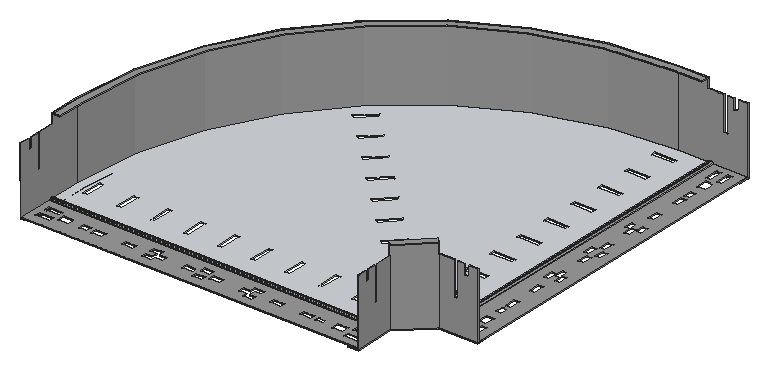
Revit family "Bogen 90 RBM 90 150 FS", category Generic Models, Revit 2017
Family settings
  Can host rebar = No
  Round Connector Dimension = Use Diameter
  Part Type = Normal
  Work Plane-Based = No
  Always vertical = Yes
  Cut with Voids When Loaded = No
  Shared = No
  Room Calculation Point = No
Parameters (values of type "RBM 90 150 FS")
  URL = "http://www.obo-bettermann.com"
  Material = Strip galvanised
  Manufacturer Art.No. = "6041848"
  Manufacturer = "OBO BETTERMANN"
  GTIN = "4012195880585"
  Cut's number 2 = 9
  Cut's number = 10
  Article Type = "RBM 90 150 FS"
Reference planes
  plane 1 "Center (Front/Back)": y = 0
  plane 2: z = 0
  plane 3 "Center (Left/Right)": x = 0
  plane 4: x = 600
  plane 5: x = 540.7
  plane 6: x = 545.5
  plane 7: z = 3.25
  plane 8: y = 500
  plane 9: y = -100
  plane 10: y = -45.5
  plane 11: y = -40.7
  plane 12: z = 3.25
  plane 13: z = 3.25
  plane 14: x = 500
  plane 15: x = 496.9
  plane 16: y = 3.1
  plane 17: y = 475
  plane 18: x = 495.9
  plane 19: y = 425
  plane 20: x = 495.9
  plane 21: y = 375
  plane 22: x = 495.9
  plane 23: y = 325
  plane 24: x = 495.9
  plane 25: y = 275
  plane 26: x = 495.9
  plane 27: y = 225
  plane 28: x = 495.9
  plane 29: y = 175
  plane 30: x = 495.9
  plane 31: y = 125
  plane 32: x = 495.9
  plane 33: y = 75
  plane 34: x = 495.9
  plane 35: y = 25
  plane 36: x = 495.9
  plane 37: y = 4.1
  plane 38: x = 25
  plane 39: y = 4.1
  plane 40: x = 75
  plane 41: y = 4.1
  plane 42: x = 125
  plane 43: y = 4.1
  plane 44: x = 175
  plane 45: y = 4.1
  plane 46: x = 225
  plane 47: y = 4.1
  plane 48: x = 275
  plane 49: y = 4.1
  plane 50: x = 325
  plane 51: y = 4.1
  plane 52: x = 375
  plane 53: y = 4.1
  plane 54: x = 425
  plane 55: y = 4.1
  plane 56: x = 475
  plane 57: through (500, 0, 1200) normal (-0.7071, -0.7071, 0)
  plane 58: through (535.355, -35.355, 1200) normal (-0.7071, -0.7071, 0)
  plane 59: through (570.711, -70.711, 1200) normal (-0.7071, -0.7071, 0)
  plane 60: through (606.066, -106.066, 1200) normal (-0.7071, -0.7071, 0)
  plane 61: through (641.421, -141.421, 1200) normal (-0.7071, -0.7071, 0)
  plane 62: through (676.777, -176.777, 1200) normal (-0.7071, -0.7071, 0)
  plane 63: through (712.132, -212.132, 1200) normal (-0.7071, -0.7071, 0)
  plane 64: through (747.487, -247.487, 1200) normal (-0.7071, -0.7071, 0)
  plane 65: through (782.843, -282.843, 1200) normal (-0.7071, -0.7071, 0)
  plane 66: z = -1.25
  plane 67: z = 113
  plane 68: y = -74.5
  plane 69: x = 250.2
  plane 70: x = 230.2
  plane 71: y = -66.5
  plane 72: y = -82.5
  plane 73: x = 168.2
  plane 74: x = 140.2
  plane 75: x = 95.2
  plane 76: x = 75.2
  plane 77: x = 46.2
  plane 78: y = -66.5
  plane 79: y = -82.5
  plane 80: x = 21.2
  plane 81: x = 600
  plane 82: through (600, -100, 1200) normal (-0.7071, -0.7071, 0)
  plane 83: x = 574.5
  plane 84: y = 249.8
  plane 85: y = 269.8
  plane 86: x = 566.5
  plane 87: x = 582.5
  plane 88: y = 331.8
  plane 89: y = 359.8
  plane 90: y = 404.8
  plane 91: y = 424.8
  plane 92: y = 453.8
  plane 93: x = 566.5
  plane 94: x = 582.5
  plane 95: y = 478.8
  plane 96: z = 48.75
  plane 97: x = 570
  plane 98: z = 98.75
  plane 99: y = 250.2
  plane 100: z = 48.75
  plane 101: y = -70
  plane 102: z = 98.75
  plane 103: x = 250
  plane 104: z = 111.75
Forms (mm)
  Extrusion 1, solid, material "Strip galvanised" <- "Material"
    sketch origin (0, 0, 0) x (1, 0, 0) y (0, 0, 1)
      loop
        line (600, 0) -> (600, 1.3) -> (549.085, 1.3)
        arc (549.085, 1.3) -> (548.367, 1.483) -> (547.825, 1.986) r 1.5
        arc (547.825, 1.986) -> (545.472, 3.268) -> (543.12, 1.986) r 2.8
        arc (543.12, 1.986) -> (542.578, 1.483) -> (541.86, 1.3) r 1.5
        line (541.86, 1.3) -> (540.7, 1.3) -> (540.7, 0) -> (541.86, 0)
        arc (541.86, 0) -> (543.199, 0.341) -> (544.212, 1.281) r 2.8
        arc (544.212, 1.281) -> (545.472, 1.968) -> (546.733, 1.281) r 1.5
        arc (546.733, 1.281) -> (547.746, 0.341) -> (549.085, 0) r 2.8
        line (549.085, 0) -> (600, 0)
    from 0 to -500
  Extrusion 2, solid, material "Strip galvanised" <- "Material"
    sketch origin (0, 0, 0) x (0, 1, 0) y (0, 0, 1)
      loop
        line (-100, 0) -> (-49.093, 0)
        arc (-49.093, 0) -> (-47.764, 0.336) -> (-46.753, 1.262) r 2.8
        arc (-46.753, 1.262) -> (-45.5, 1.938) -> (-44.247, 1.262) r 1.5
        arc (-44.247, 1.262) -> (-43.236, 0.336) -> (-41.907, 0) r 2.8
        line (-41.907, 0) -> (-40.7, 0) -> (-40.7, 1.3) -> (-41.907, 1.3)
        arc (-41.907, 1.3) -> (-42.619, 1.48) -> (-43.16, 1.976) r 1.5
        arc (-43.16, 1.976) -> (-45.5, 3.238) -> (-47.84, 1.976) r 2.8
        arc (-47.84, 1.976) -> (-48.381, 1.48) -> (-49.093, 1.3) r 1.5
        line (-49.093, 1.3) -> (-100, 1.3) -> (-100, 0)
    from 0 to 500
  Extrusion 3, solid
    sketch origin (0, 0, 0) x (1, 0, 0) y (0, 1, 0)
      loop
        line (0, -40.7) -> (500, -40.7) -> (540.7, 0) -> (540.7, 500) -> (496.9, 500)
        arc (496.9, 500) -> (145.539, 354.461) -> (0, 3.1) r 496.9
        line (0, 3.1) -> (0, -40.7)
    from 0 to 1.3
  Extrusion 4, void
    sketch origin (0, 0, 0) x (1, 0, 0) y (0, 1, 0)
      loop
        line (479.9, 478.5) -> (479.9, 471.5) -> (511.9, 471.5) -> (511.9, 478.5) -> (479.9, 478.5)
    from 0 to 1.3
  Extrusion 5, void
    sketch origin (0, -50, 0) x (1, 0, 0) y (0, 1, 0)
      loop
        line (479.9, 478.5) -> (479.9, 471.5) -> (511.9, 471.5) -> (511.9, 478.5) -> (479.9, 478.5)
    from 0 to 1.3
  Extrusion 6, void
    sketch origin (0, -100, 0) x (1, 0, 0) y (0, 1, 0)
      loop
        line (479.9, 478.5) -> (479.9, 471.5) -> (511.9, 471.5) -> (511.9, 478.5) -> (479.9, 478.5)
    from 0 to 1.3
  Extrusion 7, void
    sketch origin (0, -150, 0) x (1, 0, 0) y (0, 1, 0)
      loop
        line (479.9, 478.5) -> (479.9, 471.5) -> (511.9, 471.5) -> (511.9, 478.5) -> (479.9, 478.5)
    from 0 to 1.3
  Extrusion 8, void
    sketch origin (0, -200, 0) x (1, 0, 0) y (0, 1, 0)
      loop
        line (479.9, 478.5) -> (479.9, 471.5) -> (511.9, 471.5) -> (511.9, 478.5) -> (479.9, 478.5)
    from 0 to 1.3
  Extrusion 9, void
    sketch origin (0, -250, 0) x (1, 0, 0) y (0, 1, 0)
      loop
        line (479.9, 478.5) -> (479.9, 471.5) -> (511.9, 471.5) -> (511.9, 478.5) -> (479.9, 478.5)
    from 0 to 1.3
  Extrusion 10, void
    sketch origin (0, -300, 0) x (1, 0, 0) y (0, 1, 0)
      loop
        line (479.9, 478.5) -> (479.9, 471.5) -> (511.9, 471.5) -> (511.9, 478.5) -> (479.9, 478.5)
    from 0 to 1.3
  Extrusion 11, void
    sketch origin (0, -350, 0) x (1, 0, 0) y (0, 1, 0)
      loop
        line (479.9, 478.5) -> (479.9, 471.5) -> (511.9, 471.5) -> (511.9, 478.5) -> (479.9, 478.5)
    from 0 to 1.3
  Extrusion 12, void
    sketch origin (0, -400, 0) x (1, 0, 0) y (0, 1, 0)
      loop
        line (479.9, 478.5) -> (479.9, 471.5) -> (511.9, 471.5) -> (511.9, 478.5) -> (479.9, 478.5)
    from 0 to 1.3
  Extrusion 13, void
    sketch origin (0, -450, 0) x (1, 0, 0) y (0, 1, 0)
      loop
        line (479.9, 478.5) -> (479.9, 471.5) -> (511.9, 471.5) -> (511.9, 478.5) -> (479.9, 478.5)
    from 0 to 1.3
  Extrusion 14, void
    sketch origin (0, 0, 0) x (1, 0, 0) y (0, 1, 0)
      loop
        line (21.5, 20.1) -> (21.5, -11.9) -> (28.5, -11.9) -> (28.5, 20.1) -> (21.5, 20.1)
    from 0 to 1.3
  Extrusion 15, void
    sketch origin (50, 0, 0) x (1, 0, 0) y (0, 1, 0)
      loop
        line (21.5, 20.1) -> (21.5, -11.9) -> (28.5, -11.9) -> (28.5, 20.1) -> (21.5, 20.1)
    from 0 to 1.3
  Extrusion 16, void
    sketch origin (100, 0, 0) x (1, 0, 0) y (0, 1, 0)
      loop
        line (21.5, 20.1) -> (21.5, -11.9) -> (28.5, -11.9) -> (28.5, 20.1) -> (21.5, 20.1)
    from 0 to 1.3
  Extrusion 17, void
    sketch origin (150, 0, 0) x (1, 0, 0) y (0, 1, 0)
      loop
        line (21.5, 20.1) -> (21.5, -11.9) -> (28.5, -11.9) -> (28.5, 20.1) -> (21.5, 20.1)
    from 0 to 1.3
  Extrusion 18, void
    sketch origin (200, 0, 0) x (1, 0, 0) y (0, 1, 0)
      loop
        line (21.5, 20.1) -> (21.5, -11.9) -> (28.5, -11.9) -> (28.5, 20.1) -> (21.5, 20.1)
    from 0 to 1.3
  Extrusion 19, void
    sketch origin (250, 0, 0) x (1, 0, 0) y (0, 1, 0)
      loop
        line (21.5, 20.1) -> (21.5, -11.9) -> (28.5, -11.9) -> (28.5, 20.1) -> (21.5, 20.1)
    from 0 to 1.3
  Extrusion 20, void
    sketch origin (300, 0, 0) x (1, 0, 0) y (0, 1, 0)
      loop
        line (21.5, 20.1) -> (21.5, -11.9) -> (28.5, -11.9) -> (28.5, 20.1) -> (21.5, 20.1)
    from 0 to 1.3
  Extrusion 21, void
    sketch origin (350, 0, 0) x (1, 0, 0) y (0, 1, 0)
      loop
        line (21.5, 20.1) -> (21.5, -11.9) -> (28.5, -11.9) -> (28.5, 20.1) -> (21.5, 20.1)
    from 0 to 1.3
  Extrusion 22, void
    sketch origin (400, 0, 0) x (1, 0, 0) y (0, 1, 0)
      loop
        line (21.5, 20.1) -> (21.5, -11.9) -> (28.5, -11.9) -> (28.5, 20.1) -> (21.5, 20.1)
    from 0 to 1.3
  Extrusion 23, void
    sketch origin (450, 0, 0) x (1, 0, 0) y (0, 1, 0)
      loop
        line (21.5, 20.1) -> (21.5, -11.9) -> (28.5, -11.9) -> (28.5, 20.1) -> (21.5, 20.1)
    from 0 to 1.3
  Extrusion 24, void
    sketch origin (0, 0, 0) x (1, 0, 0) y (0, 1, 0)
      loop
        arc (172.246, 350.382) -> (160.741, 339.259) -> (149.618, 327.754) r 475.4
        line (149.618, 327.754) -> (154.571, 322.802)
        arc (154.571, 322.802) -> (165.691, 334.309) -> (177.198, 345.429) r 468.4
        line (177.198, 345.429) -> (172.246, 350.382)
    from 0 to 1.3
  Extrusion 25, void
    sketch origin (35.355, -35.355, 0) x (1, 0, 0) y (0, 1, 0)
      loop
        arc (172.246, 350.382) -> (160.741, 339.259) -> (149.618, 327.754) r 475.4
        line (149.618, 327.754) -> (154.571, 322.802)
        arc (154.571, 322.802) -> (165.691, 334.309) -> (177.198, 345.429) r 468.4
        line (177.198, 345.429) -> (172.246, 350.382)
    from 0 to 1.3
  Extrusion 26, void
    sketch origin (70.711, -70.711, 0) x (1, 0, 0) y (0, 1, 0)
      loop
        arc (172.246, 350.382) -> (160.741, 339.259) -> (149.618, 327.754) r 475.4
        line (149.618, 327.754) -> (154.571, 322.802)
        arc (154.571, 322.802) -> (165.691, 334.309) -> (177.198, 345.429) r 468.4
        line (177.198, 345.429) -> (172.246, 350.382)
    from 0 to 1.3
  Extrusion 27, void
    sketch origin (106.066, -106.066, 0) x (1, 0, 0) y (0, 1, 0)
      loop
        arc (172.246, 350.382) -> (160.741, 339.259) -> (149.618, 327.754) r 475.4
        line (149.618, 327.754) -> (154.571, 322.802)
        arc (154.571, 322.802) -> (165.691, 334.309) -> (177.198, 345.429) r 468.4
        line (177.198, 345.429) -> (172.246, 350.382)
    from 0 to 1.3
  Extrusion 28, void
    sketch origin (141.421, -141.421, 0) x (1, 0, 0) y (0, 1, 0)
      loop
        arc (172.246, 350.382) -> (160.741, 339.259) -> (149.618, 327.754) r 475.4
        line (149.618, 327.754) -> (154.571, 322.802)
        arc (154.571, 322.802) -> (165.691, 334.309) -> (177.198, 345.429) r 468.4
        line (177.198, 345.429) -> (172.246, 350.382)
    from 0 to 1.3
  Extrusion 29, void
    sketch origin (176.777, -176.777, 0) x (1, 0, 0) y (0, 1, 0)
      loop
        arc (172.246, 350.382) -> (160.741, 339.259) -> (149.618, 327.754) r 475.4
        line (149.618, 327.754) -> (154.571, 322.802)
        arc (154.571, 322.802) -> (165.691, 334.309) -> (177.198, 345.429) r 468.4
        line (177.198, 345.429) -> (172.246, 350.382)
    from 0 to 1.3
  Extrusion 30, void
    sketch origin (212.132, -212.132, 0) x (1, 0, 0) y (0, 1, 0)
      loop
        arc (172.246, 350.382) -> (160.741, 339.259) -> (149.618, 327.754) r 475.4
        line (149.618, 327.754) -> (154.571, 322.802)
        arc (154.571, 322.802) -> (165.691, 334.309) -> (177.198, 345.429) r 468.4
        line (177.198, 345.429) -> (172.246, 350.382)
    from 0 to 1.3
  Extrusion 31, void
    sketch origin (247.487, -247.487, 0) x (1, 0, 0) y (0, 1, 0)
      loop
        arc (172.246, 350.382) -> (160.741, 339.259) -> (149.618, 327.754) r 475.4
        line (149.618, 327.754) -> (154.571, 322.802)
        arc (154.571, 322.802) -> (165.691, 334.309) -> (177.198, 345.429) r 468.4
        line (177.198, 345.429) -> (172.246, 350.382)
    from 0 to 1.3
  Extrusion 32, void
    sketch origin (282.843, -282.843, 0) x (1, 0, 0) y (0, 1, 0)
      loop
        arc (172.246, 350.382) -> (160.741, 339.259) -> (149.618, 327.754) r 475.4
        line (149.618, 327.754) -> (154.571, 322.802)
        arc (154.571, 322.802) -> (165.691, 334.309) -> (177.198, 345.429) r 468.4
        line (177.198, 345.429) -> (172.246, 350.382)
    from 0 to 1.3
  Extrusion 33, solid, material "Strip galvanised" <- "Material"
    sketch origin (0, 0, 0) x (1, 0, 0) y (0, 1, 0)
      loop
        line (600, 500) -> (496.9, 500)
        arc (496.9, 500) -> (145.539, 354.461) -> (0, 3.1) r 496.9
        line (0, 3.1) -> (0, -100) -> (13.8, -100) -> (13.8, 3.1)
        arc (13.8, 3.1) -> (155.297, 344.703) -> (496.9, 486.2) r 483.1
        line (496.9, 486.2) -> (600, 486.2) -> (600, 500)
    from 0 to -1.25
  Extrusion 34, solid, material "Strip galvanised" <- "Material"
    sketch origin (0, 0, 0) x (1, 0, 0) y (0, 1, 0)
      loop
        line (600, 500) -> (600, 501.3) -> (496.9, 501.3)
        arc (496.9, 501.3) -> (144.619, 355.381) -> (-1.3, 3.1) r 498.2
        line (-1.3, 3.1) -> (-1.3, -100) -> (0, -100) -> (0, 3.1)
        arc (0, 3.1) -> (145.539, 354.461) -> (496.9, 500) r 496.9
        line (496.9, 500) -> (600, 500)
    from -1.25 to 113
  Extrusion 35, solid, material "Strip galvanised" <- "Material"
    sketch origin (0, 0, 0) x (1, 0, 0) y (0, 1, 0)
      loop
        line (600, 0) -> (540.7, 0) -> (500, -40.7) -> (500, -100) -> (501.3, -100) -> (501.3, -41.238) -> (541.238, -1.3) -> (600, -1.3) -> (600, 0)
    from 0 to 113
  Extrusion 36, void
    sketch origin (0, 0, 0) x (1, 0, 0) y (0, 1, 0)
      loop
        line (243.2, -62.7) -> (243.2, -70.3) -> (257.2, -70.3) -> (257.2, -62.7) -> (243.2, -62.7)
      loop
        line (243.2, -86.3) -> (257.2, -86.3) -> (257.2, -78.7) -> (243.2, -78.7) -> (243.2, -86.3)
      loop
        line (222.2, -70.5) -> (222.2, -78.5) -> (238.2, -78.5) -> (238.2, -70.5) -> (222.2, -70.5)
      loop
        line (168.2, -70.3) -> (177.183, -70.3) -> (177.183, -78.7) -> (168.2, -78.7) -> (168.2, -86.3) -> (182.163, -86.3) -> (182.163, -78.7) -> (193.163, -78.7) -> (193.163, -70.7) -> (182.163, -70.7) -> (182.163, -63.1) -> (168.2, -63.1) -> (168.2, -70.3)
      loop
        line (132.2, -70.5) -> (132.2, -78.5) -> (148.2, -78.5) -> (148.2, -70.5) -> (132.2, -70.5)
      loop
        line (87.2, -70.7) -> (87.2, -78.7) -> (103.2, -78.7) -> (103.2, -70.7) -> (87.2, -70.7)
      loop
        line (69.227, -70.7) -> (69.227, -78.7) -> (81.227, -78.7) -> (81.227, -70.7) -> (69.227, -70.7)
      loop
        line (38.2, -68.5) -> (38.2, -80.5) -> (54.2, -80.5) -> (54.2, -68.5) -> (38.2, -68.5)
      loop
        line (10.7, -62.781) -> (10.7, -70.381) -> (31.7, -70.381) -> (31.7, -62.781) -> (10.7, -62.781)
      loop
        line (10.7, -79.608) -> (10.7, -87.208) -> (31.7, -87.208) -> (31.7, -79.608) -> (10.7, -79.608)
      loop
        line (278.2, -70.5) -> (262.2, -70.5) -> (262.2, -78.5) -> (278.2, -78.5) -> (278.2, -70.5)
      loop
        line (332.2, -70.3) -> (332.2, -63.1) -> (318.237, -63.1) -> (318.237, -70.7) -> (307.237, -70.7) -> (307.237, -78.7) -> (318.237, -78.7) -> (318.237, -86.3) -> (332.2, -86.3) -> (332.2, -78.7) -> (323.217, -78.7) -> (323.217, -70.3) -> (332.2, -70.3)
      loop
        line (368.2, -70.5) -> (352.2, -70.5) -> (352.2, -78.5) -> (368.2, -78.5) -> (368.2, -70.5)
      loop
        line (413.2, -70.7) -> (397.2, -70.7) -> (397.2, -78.7) -> (413.2, -78.7) -> (413.2, -70.7)
      loop
        line (431.173, -70.7) -> (419.173, -70.7) -> (419.173, -78.7) -> (431.173, -78.7) -> (431.173, -70.7)
      loop
        line (462.2, -68.5) -> (446.2, -68.5) -> (446.2, -80.5) -> (462.2, -80.5) -> (462.2, -68.5)
      loop
        line (489.7, -62.781) -> (468.7, -62.781) -> (468.7, -70.381) -> (489.7, -70.381) -> (489.7, -62.781)
      loop
        line (489.7, -79.608) -> (468.7, -79.608) -> (468.7, -87.208) -> (489.7, -87.208) -> (489.7, -79.608)
    from -1.25 to 1.3
  Extrusion 37, void
    sketch origin (500, 500, 0) x (0, -1, 0) y (1, 0, 0)
      loop
        line (243.2, 62.7) -> (257.2, 62.7) -> (257.2, 70.3) -> (243.2, 70.3) -> (243.2, 62.7)
      loop
        line (243.2, 86.3) -> (243.2, 78.7) -> (257.2, 78.7) -> (257.2, 86.3) -> (243.2, 86.3)
      loop
        line (222.2, 70.5) -> (238.2, 70.5) -> (238.2, 78.5) -> (222.2, 78.5) -> (222.2, 70.5)
      loop
        line (168.2, 70.3) -> (168.2, 63.1) -> (182.163, 63.1) -> (182.163, 70.7) -> (193.163, 70.7) -> (193.163, 78.7) -> (182.163, 78.7) -> (182.163, 86.3) -> (168.2, 86.3) -> (168.2, 78.7) -> (177.183, 78.7) -> (177.183, 70.3) -> (168.2, 70.3)
      loop
        line (132.2, 70.5) -> (148.2, 70.5) -> (148.2, 78.5) -> (132.2, 78.5) -> (132.2, 70.5)
      loop
        line (87.2, 70.7) -> (103.2, 70.7) -> (103.2, 78.7) -> (87.2, 78.7) -> (87.2, 70.7)
      loop
        line (69.227, 70.7) -> (81.227, 70.7) -> (81.227, 78.7) -> (69.227, 78.7) -> (69.227, 70.7)
      loop
        line (38.2, 68.5) -> (54.2, 68.5) -> (54.2, 80.5) -> (38.2, 80.5) -> (38.2, 68.5)
      loop
        line (10.7, 62.781) -> (31.7, 62.781) -> (31.7, 70.381) -> (10.7, 70.381) -> (10.7, 62.781)
      loop
        line (10.7, 79.608) -> (31.7, 79.608) -> (31.7, 87.208) -> (10.7, 87.208) -> (10.7, 79.608)
      loop
        line (278.2, 70.5) -> (278.2, 78.5) -> (262.2, 78.5) -> (262.2, 70.5) -> (278.2, 70.5)
      loop
        line (332.2, 70.3) -> (323.217, 70.3) -> (323.217, 78.7) -> (332.2, 78.7) -> (332.2, 86.3) -> (318.237, 86.3) -> (318.237, 78.7) -> (307.237, 78.7) -> (307.237, 70.7) -> (318.237, 70.7) -> (318.237, 63.1) -> (332.2, 63.1) -> (332.2, 70.3)
      loop
        line (368.2, 70.5) -> (368.2, 78.5) -> (352.2, 78.5) -> (352.2, 70.5) -> (368.2, 70.5)
      loop
        line (413.2, 70.7) -> (413.2, 78.7) -> (397.2, 78.7) -> (397.2, 70.7) -> (413.2, 70.7)
      loop
        line (431.173, 70.7) -> (431.173, 78.7) -> (419.173, 78.7) -> (419.173, 70.7) -> (431.173, 70.7)
      loop
        line (462.2, 68.5) -> (462.2, 80.5) -> (446.2, 80.5) -> (446.2, 68.5) -> (462.2, 68.5)
      loop
        line (489.7, 62.781) -> (489.7, 70.381) -> (468.7, 70.381) -> (468.7, 62.781) -> (489.7, 62.781)
      loop
        line (489.7, 79.608) -> (489.7, 87.208) -> (468.7, 87.208) -> (468.7, 79.608) -> (489.7, 79.608)
    from -1.25 to 1.3
  Extrusion 38, void
    sketch origin (0, 0, 0) x (1, 0, 0) y (0, 1, 0)
      loop
        line (562.781, 489.3) -> (562.781, 468.3) -> (570.381, 468.3) -> (570.381, 489.3) -> (562.781, 489.3)
      loop
        line (579.608, 489.3) -> (579.608, 468.3) -> (587.208, 468.3) -> (587.208, 489.3) -> (579.608, 489.3)
      loop
        line (568.5, 461.8) -> (568.5, 445.8) -> (580.5, 445.8) -> (580.5, 461.8) -> (568.5, 461.8)
      loop
        line (570.7, 430.773) -> (570.7, 418.773) -> (578.7, 418.773) -> (578.7, 430.773) -> (570.7, 430.773)
      loop
        line (570.7, 412.8) -> (570.7, 396.8) -> (578.7, 396.8) -> (578.7, 412.8) -> (570.7, 412.8)
      loop
        line (570.5, 367.8) -> (570.5, 351.8) -> (578.5, 351.8) -> (578.5, 367.8) -> (570.5, 367.8)
      loop
        line (570.5, 277.8) -> (570.5, 261.8) -> (578.5, 261.8) -> (578.5, 277.8) -> (570.5, 277.8)
      loop
        line (562.7, 256.8) -> (562.7, 242.8) -> (570.3, 242.8) -> (570.3, 256.8) -> (562.7, 256.8)
      loop
        line (578.7, 256.8) -> (578.7, 242.8) -> (586.3, 242.8) -> (586.3, 256.8) -> (578.7, 256.8)
      loop
        line (570.5, 237.8) -> (570.5, 221.8) -> (578.5, 221.8) -> (578.5, 237.8) -> (570.5, 237.8)
      loop
        line (570.5, 147.8) -> (570.5, 131.8) -> (578.5, 131.8) -> (578.5, 147.8) -> (570.5, 147.8)
      loop
        line (570.7, 102.8) -> (570.7, 86.8) -> (578.7, 86.8) -> (578.7, 102.8) -> (570.7, 102.8)
      loop
        line (570.7, 80.827) -> (570.7, 68.827) -> (578.7, 68.827) -> (578.7, 80.827) -> (570.7, 80.827)
      loop
        line (568.5, 53.8) -> (568.5, 37.8) -> (580.5, 37.8) -> (580.5, 53.8) -> (568.5, 53.8)
      loop
        line (562.781, 31.3) -> (562.781, 10.3) -> (570.381, 10.3) -> (570.381, 31.3) -> (562.781, 31.3)
      loop
        line (579.608, 31.3) -> (579.608, 10.3) -> (587.208, 10.3) -> (587.208, 31.3) -> (579.608, 31.3)
      loop
        line (570.7, 192.763) -> (570.7, 181.763) -> (563.1, 181.763) -> (563.1, 167.8) -> (570.3, 167.8) -> (570.3, 176.783) -> (578.7, 176.783) -> (578.7, 167.8) -> (586.3, 167.8) -> (586.3, 181.763) -> (578.7, 181.763) -> (578.7, 192.763) -> (570.7, 192.763)
      loop
        line (563.1, 331.8) -> (563.1, 317.837) -> (570.7, 317.837) -> (570.7, 306.837) -> (578.7, 306.837) -> (578.7, 317.837) -> (586.3, 317.837) -> (586.3, 331.8) -> (578.7, 331.8) -> (578.7, 322.817) -> (570.3, 322.817) -> (570.3, 331.8) -> (563.1, 331.8)
    from -1.25 to 1.3
  Extrusion 39, void
    sketch origin (0, 0, 0) x (1, 0, 0) y (0, 0, 1)
      loop
        line (570, 98.65) -> (579.96, 98.65) -> (579.96, 83.85) -> (586.26, 83.85) -> (586.26, 98.75) -> (600, 98.75) -> (600, 113) -> (541.238, 113) -> (541.238, 98.75) -> (565, 98.75) -> (565, 48.75) -> (570, 48.75) -> (570, 98.65)
    from 0 to 1.3
  Extrusion 40, void
    sketch origin (0, 0, 0) x (1, 0, 0) y (0, 0, 1)
      loop
        line (541.238, 113) -> (541.238, 98.75) -> (565, 98.75) -> (565, 48.75) -> (570, 48.75) -> (570, 98.65) -> (579.96, 98.65) -> (579.96, 83.85) -> (586.26, 83.85) -> (586.26, 98.75) -> (600, 98.75) -> (600, 113) -> (541.238, 113)
    from -501.3 to -500
  Extrusion 41, void
    sketch origin (500, 500, 0) x (0, -1, 0) y (0, 0, -1)
      loop
        line (570, -98.65) -> (570, -48.75) -> (565, -48.75) -> (565, -98.75) -> (541.238, -98.75) -> (541.238, -113) -> (600, -113) -> (600, -98.75) -> (586.26, -98.75) -> (586.26, -83.85) -> (579.96, -83.85) -> (579.96, -98.65) -> (570, -98.65)
    from 0 to 1.3
  Extrusion 42, void
    sketch origin (0, 0, 0) x (0, 1, 0) y (0, 0, 1)
      loop
        line (-41.238, 113) -> (-100, 113) -> (-100, 98.75) -> (-86.26, 98.75) -> (-86.26, 83.85) -> (-79.96, 83.85) -> (-79.96, 98.65) -> (-70, 98.65) -> (-70, 48.75) -> (-65, 48.75) -> (-65, 98.75) -> (-41.238, 98.75) -> (-41.238, 113)
    from -1.3 to 0
  Extrusion 43, solid, material "Strip galvanised" <- "Material"
    sketch origin (0, 0, 0) x (1, 0, 0) y (0, 1, 0)
      loop
        line (541.238, 500) -> (496.9, 500)
        arc (496.9, 500) -> (145.539, 354.461) -> (0, 3.1) r 496.9
        line (0, 3.1) -> (0, -41.238) -> (10.8, -41.238) -> (10.8, 3.1)
        arc (10.8, 3.1) -> (153.175, 346.825) -> (496.9, 489.2) r 486.1
        line (496.9, 489.2) -> (541.238, 489.2) -> (541.238, 500)
    from 111.75 to 113
  Extrusion 44, solid, material "Strip galvanised" <- "Material"
    sketch origin (0, 0, 0) x (1, 0, 0) y (0, 1, 0)
      loop
        line (540.7, 0) -> (533.085, 7.615) -> (492.33, -33.141) -> (499.944, -40.756) -> (540.7, 0)
    from 111.75 to 113
  Extrusion 45, solid, material "Strip galvanised" <- "Material"
    sketch origin (0, 0, 0) x (1, 0, 0) y (0, 1, 0)
      loop
        line (530.462, 9.136) -> (490.864, -30.462) -> (501.487, -41.085) -> (541.085, -1.487) -> (530.462, 9.136)
    from -1.25 to 0
  Extrusion 46, solid, material "Strip galvanised" <- "Material"
    sketch origin (0, 0, 0) x (1, 0, 0) y (0, 1, 0)
      loop
        line (600, -1.3) -> (600, 13.7) -> (541.238, 13.7) -> (541.238, -1.3) -> (600, -1.3)
      loop
        line (501.3, -41.238) -> (486.3, -41.238) -> (486.3, -100) -> (501.3, -100) -> (501.3, -41.238)
    from -1.25 to 0
Cuts and joins
  Extrusion 4, Extrusion 5, Extrusion 6, Extrusion 7, Extrusion 8, Extrusion 9, Extrusion 10, Extrusion 11, Extrusion 12, Extrusion 13, Extrusion 14, Extrusion 15, Extrusion 16, Extrusion 17, Extrusion 18, Extrusion 19, Extrusion 20, Extrusion 21, Extrusion 22, Extrusion 23, Extrusion 24, Extrusion 25, Extrusion 26, Extrusion 27, Extrusion 28, Extrusion 29, Extrusion 30, Extrusion 31, Extrusion 32 cuts Extrusion 3
  Extrusion 36, Extrusion 37 cuts Extrusion 2
  Extrusion 36, Extrusion 37 cuts Extrusion 33
  Extrusion 38 cuts Extrusion 1
  Extrusion 39, Extrusion 41 cuts Extrusion 35
  Extrusion 40, Extrusion 42 cuts Extrusion 34
Dimensions and locks
  locked: plane 4 to plane 3 "Center (Left/Right)" at 600
  locked: plane 4 to plane 6 at 54.5
  locked: plane 4 to plane 5 at 59.3
  locked: plane 7 to Extrusion 1 sketch curve at 3.25
  locked: Extrusion 1 sketch curve to Extrusion 1 sketch curve at 1.3
  locked: Extrusion 1 sketch curve to Extrusion 1 sketch curve at 59.3
  locked: Extrusion 1 sketch curve to level at 3.268
  locked: plane 1 "Center (Front/Back)" to plane 8 at 500
  locked: plane 9 to plane 10 at 54.5
  locked: plane 9 to plane 11 at 59.3
  locked: Extrusion 2 sketch curve to plane 12 at 3.25
  locked: Extrusion 2 sketch curve to Extrusion 2 sketch curve at 59.3
  locked: Extrusion 2 sketch curve to Extrusion 2 sketch curve at 3.238
  locked: Extrusion 2 sketch curve to Extrusion 2 sketch curve at 1.3
  locked: plane 3 "Center (Left/Right)" to plane 14 at 500
  locked: plane 15 to Extrusion 1 at 103.1
  locked: Extrusion 2 to plane 16 at 103.1
  locked: Extrusion 4 sketch curve to Extrusion 4 sketch curve at 32
  locked: Extrusion 4 sketch curve to plane 18 at 16
  locked: Extrusion 4 sketch curve to Extrusion 4 sketch curve at 7
  locked: plane 17 to Extrusion 4 sketch curve at 3.5
  locked: Extrusion 5 sketch curve to Extrusion 5 sketch curve at 32
  locked: Extrusion 5 sketch curve to plane 20 at 16
  locked: Extrusion 5 sketch curve to Extrusion 5 sketch curve at 7
  locked: plane 19 to Extrusion 5 sketch curve at 3.5
  equal spacing: group 1, group 2, group 3, group 4, group 5, group 6, group 7, group 8, group 9, group 10  (x2)
  equal spacing: group 10, group 9, group 8, group 7, group 6, group 5, group 4, group 3, group 2, group 1
  locked: Extrusion 6 sketch curve to Extrusion 6 sketch curve at 32
  locked: Extrusion 6 sketch curve to plane 22 at 16
  locked: Extrusion 6 sketch curve to Extrusion 6 sketch curve at 7
  locked: plane 21 to Extrusion 6 sketch curve at 3.5
  locked: Extrusion 7 sketch curve to Extrusion 7 sketch curve at 32
  locked: Extrusion 7 sketch curve to plane 24 at 16
  locked: Extrusion 7 sketch curve to Extrusion 7 sketch curve at 7
  locked: plane 23 to Extrusion 7 sketch curve at 3.5
  locked: Extrusion 8 sketch curve to Extrusion 8 sketch curve at 32
  locked: Extrusion 8 sketch curve to plane 26 at 16
  locked: Extrusion 8 sketch curve to Extrusion 8 sketch curve at 7
  locked: plane 25 to Extrusion 8 sketch curve at 3.5
  locked: Extrusion 9 sketch curve to Extrusion 9 sketch curve at 32
  locked: Extrusion 9 sketch curve to plane 28 at 16
  locked: Extrusion 9 sketch curve to Extrusion 9 sketch curve at 7
  locked: plane 27 to Extrusion 9 sketch curve at 3.5
  locked: Extrusion 10 sketch curve to Extrusion 10 sketch curve at 32
  locked: Extrusion 10 sketch curve to plane 30 at 16
  locked: Extrusion 10 sketch curve to Extrusion 10 sketch curve at 7
  locked: plane 29 to Extrusion 10 sketch curve at 3.5
  locked: Extrusion 11 sketch curve to Extrusion 11 sketch curve at 32
  locked: Extrusion 11 sketch curve to plane 32 at 16
  locked: Extrusion 11 sketch curve to Extrusion 11 sketch curve at 7
  locked: plane 31 to Extrusion 11 sketch curve at 3.5
  locked: Extrusion 12 sketch curve to Extrusion 12 sketch curve at 32
  locked: Extrusion 12 sketch curve to plane 34 at 16
  locked: Extrusion 12 sketch curve to Extrusion 12 sketch curve at 7
  locked: plane 33 to Extrusion 12 sketch curve at 3.5
  locked: Extrusion 13 sketch curve to Extrusion 13 sketch curve at 32
  locked: Extrusion 13 sketch curve to plane 36 at 16
  locked: Extrusion 13 sketch curve to Extrusion 13 sketch curve at 7
  locked: plane 35 to Extrusion 13 sketch curve at 3.5
  locked: Extrusion 14 sketch curve to Extrusion 14 sketch curve at 32
  locked: plane 37 to Extrusion 14 sketch curve at 16
  locked: Extrusion 14 sketch curve to Extrusion 14 sketch curve at 7
  locked: plane 38 to Extrusion 14 sketch curve at 3.5
  locked: Extrusion 15 sketch curve to Extrusion 15 sketch curve at 32
  locked: plane 39 to Extrusion 15 sketch curve at 16
  locked: Extrusion 15 sketch curve to Extrusion 15 sketch curve at 7
  locked: plane 40 to Extrusion 15 sketch curve at 3.5
  equal spacing: group 11, group 12, group 13, group 14, group 15, group 16, group 17, group 18, group 19, group 20  (x3)
  locked: Extrusion 16 sketch curve to Extrusion 16 sketch curve at 32
  locked: plane 41 to Extrusion 16 sketch curve at 16
  locked: Extrusion 16 sketch curve to Extrusion 16 sketch curve at 7
  locked: plane 42 to Extrusion 16 sketch curve at 3.5
  locked: Extrusion 17 sketch curve to Extrusion 17 sketch curve at 32
  locked: plane 43 to Extrusion 17 sketch curve at 16
  locked: Extrusion 17 sketch curve to Extrusion 17 sketch curve at 7
  locked: plane 44 to Extrusion 17 sketch curve at 3.5
  locked: Extrusion 18 sketch curve to Extrusion 18 sketch curve at 32
  locked: plane 45 to Extrusion 18 sketch curve at 16
  locked: Extrusion 18 sketch curve to Extrusion 18 sketch curve at 7
  locked: plane 46 to Extrusion 18 sketch curve at 3.5
  locked: Extrusion 19 sketch curve to Extrusion 19 sketch curve at 32
  locked: plane 47 to Extrusion 19 sketch curve at 16
  locked: Extrusion 19 sketch curve to Extrusion 19 sketch curve at 7
  locked: plane 48 to Extrusion 19 sketch curve at 3.5
  locked: Extrusion 20 sketch curve to Extrusion 20 sketch curve at 32
  locked: plane 49 to Extrusion 20 sketch curve at 16
  locked: Extrusion 20 sketch curve to Extrusion 20 sketch curve at 7
  locked: plane 50 to Extrusion 20 sketch curve at 3.5
  locked: Extrusion 21 sketch curve to Extrusion 21 sketch curve at 32
  locked: plane 51 to Extrusion 21 sketch curve at 16
  locked: Extrusion 21 sketch curve to Extrusion 21 sketch curve at 7
  locked: plane 52 to Extrusion 21 sketch curve at 3.5
  locked: Extrusion 22 sketch curve to Extrusion 22 sketch curve at 32
  locked: plane 53 to Extrusion 22 sketch curve at 16
  locked: Extrusion 22 sketch curve to Extrusion 22 sketch curve at 7
  locked: plane 54 to Extrusion 22 sketch curve at 3.5
  locked: Extrusion 23 sketch curve to Extrusion 23 sketch curve at 32
  locked: plane 55 to Extrusion 23 sketch curve at 16
  locked: Extrusion 23 sketch curve to Extrusion 23 sketch curve at 7
  locked: plane 56 to Extrusion 23 sketch curve at 3.5
  equal spacing: group 21, group 22, group 23, group 24, group 25, group 26, group 27, group 28, group 29  (x2)
  equal spacing: group 29, group 28, group 27, group 26, group 25, group 24, group 23, group 22, group 21
  locked: Extrusion 2 to Extrusion 33 sketch curve at 13.8
  locked: Extrusion 1 to Extrusion 33 sketch curve at 13.8
  locked: plane 3 "Center (Left/Right)" to Extrusion 1 at 600
  locked: Extrusion 2 to Extrusion 1 at 600
  locked: plane 67 to level at 113
  locked: Extrusion 35 sketch curve to Extrusion 35 sketch curve at 59.3
  locked: Extrusion 35 sketch curve to Extrusion 35 sketch curve at 58.762
  locked: Extrusion 2 to Extrusion 35 sketch curve at 1.3
  locked: Extrusion 1 to Extrusion 35 sketch curve at 1.3
  locked: cut or joined group 1 (Extrusion 3, Extrusion 4, Extrusion 5, Extrusion 6, Extrusion 7, Extrusion 8, Extrusion 9, Extrusion 10, Extrusion 11, Extrusion 12, Extrusion 13, Extrusion 14, Extrusion 15, Extrusion 16, Extrusion 17, Extrusion 18, Extrusion 19, Extrusion 20, Extrusion 21, Extrusion 22, Extrusion 23, Extrusion 24, Extrusion 25, Extrusion 26, Extrusion 27, Extrusion 28, Extrusion 29, Extrusion 30, Extrusion 31, Extrusion 32) to Extrusion 35 sketch curve at 1.3
  locked: Extrusion 34 to plane 69 at 251.5
  locked: Extrusion 2 to plane 68 at 25.5
  locked: Extrusion 36 sketch curve to Extrusion 36 sketch curve at 7.6  (x2)
  locked: plane 71 to Extrusion 36 sketch curve at 3.8
  locked: Extrusion 36 sketch curve to Extrusion 36 sketch curve at 14  (x2)
  locked: plane 69 to Extrusion 36 sketch curve at 7
  locked: Extrusion 36 sketch curve to Extrusion 36 sketch curve at 16  (x8)
  locked: Extrusion 36 sketch curve to plane 70 at 8
  locked: Extrusion 36 sketch curve to Extrusion 36 sketch curve at 8  (x4)
  locked: plane 68 to Extrusion 36 sketch curve at 4  (x2)
  locked: plane 73 to plane 69 at 82
  locked: plane 74 to plane 69 at 110
  locked: Extrusion 36 sketch curve to plane 74 at 8
  locked: plane 75 to plane 69 at 155
  locked: Extrusion 36 sketch curve to plane 75 at 8
  locked: plane 76 to plane 69 at 175
  locked: Extrusion 36 sketch curve to Extrusion 36 sketch curve at 12  (x4)
  locked: Extrusion 36 sketch curve to plane 76 at 5.973
  locked: plane 77 to plane 69 at 204
  locked: plane 68 to Extrusion 36 sketch curve at 6
  locked: Extrusion 36 sketch curve to plane 77 at 8
  plane 80 to plane 69 = 229 mm
  locked: Extrusion 36 sketch curve to Extrusion 36 sketch curve at 21  (x2)
  locked: Extrusion 36 sketch curve to plane 80 at 10.5
  locked: Extrusion 37 sketch curve to Extrusion 37 sketch curve at 7.6  (x2)
  locked: plane 86 to Extrusion 37 sketch curve at 3.8
  locked: Extrusion 37 sketch curve to Extrusion 37 sketch curve at 14  (x2)
  locked: plane 84 to Extrusion 37 sketch curve at 7
  locked: Extrusion 37 sketch curve to Extrusion 37 sketch curve at 16  (x8)
  locked: Extrusion 37 sketch curve to plane 85 at 8
  locked: Extrusion 37 sketch curve to Extrusion 37 sketch curve at 8  (x4)
  locked: plane 83 to Extrusion 37 sketch curve at 4  (x2)
  locked: plane 88 to plane 84 at 82
  locked: plane 89 to plane 84 at 110
  locked: Extrusion 37 sketch curve to plane 89 at 8
  locked: plane 90 to plane 84 at 155
  locked: Extrusion 37 sketch curve to plane 90 at 8
  locked: plane 91 to plane 84 at 175
  locked: Extrusion 37 sketch curve to Extrusion 37 sketch curve at 12  (x4)
  locked: Extrusion 37 sketch curve to plane 91 at 5.973
  locked: plane 92 to plane 84 at 204
  locked: plane 83 to Extrusion 37 sketch curve at 6
  locked: Extrusion 37 sketch curve to plane 92 at 8
  plane 95 to plane 84 = 229 mm
  locked: Extrusion 37 sketch curve to Extrusion 37 sketch curve at 21  (x2)
  locked: Extrusion 37 sketch curve to plane 95 at 10.5
  locked: plane 96 to cut or joined group of Extrusion 33, Extrusion 36, Extrusion 37 at 50
  locked: plane 98 to cut or joined group of Extrusion 33, Extrusion 36, Extrusion 37 at 100
  cut or joined group of Extrusion 35, Extrusion 39, Extrusion 41 to Extrusion 34 = 502.6 mm
  locked: cut or joined group of Extrusion 35, Extrusion 39, Extrusion 41 to plane 99 at 251.5
  locked: cut or joined group of Extrusion 34, Extrusion 40, Extrusion 42 to plane 103 at 250
  locked: Extrusion 43 to plane 104 at 1.25
  locked: Extrusion 44 sketch curve to cut or joined group of Extrusion 35, Extrusion 39, Extrusion 41 at 10.769
  locked: Extrusion 44 sketch curve to Extrusion 44 sketch curve at 57.637
  locked: Extrusion 45 sketch curve to cut or joined group of Extrusion 35, Extrusion 39, Extrusion 41 at 15
  locked: Extrusion 45 sketch curve to Extrusion 45 sketch curve at 56
  locked: Extrusion 46 sketch curve to cut or joined group of Extrusion 1, Extrusion 38 at 58.762
  locked: Extrusion 46 sketch curve to cut or joined group of Extrusion 35, Extrusion 39, Extrusion 41 at 15  (x2)
  locked: Extrusion 46 sketch curve to cut or joined group of Extrusion 2, Extrusion 36, Extrusion 37 at 58.762
  aligned and locked: level to plane 2
  aligned and locked: Extrusion 1 sketch curve to plane 4
  aligned and locked: plane 8 to Extrusion 1
  aligned and locked: plane 1 "Center (Front/Back)" to Extrusion 1
  aligned and locked: Extrusion 2 sketch curve to plane 11
  aligned and locked: plane 14 to Extrusion 2
  aligned and locked: Extrusion 2 to plane 3 "Center (Left/Right)"
  aligned and locked: Extrusion 3 to Extrusion 2
  aligned and locked: Extrusion 3 to plane 3 "Center (Left/Right)"
  aligned and locked: Extrusion 1 to Extrusion 3  (x2)
  aligned and locked: Extrusion 3 to Extrusion 1
  aligned and locked: Extrusion 3 to level
  aligned and locked: Extrusion 4 to level
  aligned and locked: Extrusion 1 to Extrusion 4
  aligned and locked: Extrusion 14 to level
  aligned and locked: Extrusion 1 to Extrusion 14
  aligned and locked: Extrusion 24 to level
  aligned and locked: Extrusion 1 to Extrusion 24
  aligned and locked: Extrusion 33 sketch curve to Extrusion 1
  aligned and locked: plane 9 to Extrusion 33 sketch curve
  aligned and locked: Extrusion 1 to Extrusion 33
  aligned and locked: Extrusion 33 to Extrusion 1
  aligned and locked: Extrusion 33 to plane 9
  aligned and locked: Extrusion 33 to plane 3 "Center (Left/Right)"
  aligned and locked: Extrusion 33 to plane 66
  aligned and locked: level to Extrusion 33
  aligned and locked: Extrusion 34 sketch curve to Extrusion 2
  aligned and locked: Extrusion 1 to Extrusion 34
  aligned and locked: Extrusion 34 to Extrusion 1
  aligned and locked: plane 3 "Center (Left/Right)" to Extrusion 34
  aligned and locked: Extrusion 34 to plane 9
  aligned and locked: Extrusion 34 to Extrusion 33
  aligned and locked: Extrusion 34 to plane 67
  aligned and locked: plane 9 to Extrusion 35 sketch curve
  aligned and locked: Extrusion 35 to plane 9
  aligned and locked: Extrusion 35 to Extrusion 1
  aligned and locked: Extrusion 35 to Extrusion 34
  aligned and locked: Extrusion 35 to level
  aligned and locked: Extrusion 36 sketch curve to plane 73
  aligned and locked: Extrusion 36 sketch curve to Extrusion 36 sketch curve  (x9)
  aligned and locked: Extrusion 34 to Extrusion 36
  aligned and locked: Extrusion 2 to Extrusion 36
  aligned and locked: plane 88 to Extrusion 37 sketch curve
  aligned and locked: Extrusion 37 sketch curve to Extrusion 37 sketch curve  (x9)
  aligned and locked: Extrusion 38 to plane 66
  aligned and locked: Extrusion 1 to Extrusion 38
  aligned and locked: Extrusion 39 to plane 1 "Center (Front/Back)"
  aligned and locked: Extrusion 39 to Extrusion 35
  aligned and locked: Extrusion 34 to Extrusion 40
  aligned and locked: Extrusion 34 to cut or joined group 1
  aligned and locked: Extrusion 34 to Extrusion 42
  aligned and locked: plane 3 "Center (Left/Right)" to Extrusion 42
  aligned and locked: Extrusion 43 sketch curve to cut or joined group of Extrusion 34, Extrusion 40, Extrusion 42
  aligned and locked: cut or joined group of Extrusion 34, Extrusion 40, Extrusion 42 to Extrusion 43 sketch curve
  aligned and locked: plane 8 to Extrusion 43 sketch curve
  aligned and locked: plane 3 "Center (Left/Right)" to Extrusion 43 sketch curve
  aligned and locked: Extrusion 43 to plane 104
  aligned and locked: Extrusion 44 sketch curve to cut or joined group 1
  aligned and locked: Extrusion 44 to cut or joined group of Extrusion 35, Extrusion 39, Extrusion 41
  aligned and locked: Extrusion 43 to Extrusion 44
  aligned and locked: cut or joined group of Extrusion 33, Extrusion 36, Extrusion 37 to Extrusion 45
  aligned and locked: cut or joined group of Extrusion 33, Extrusion 36, Extrusion 37 to Extrusion 46
  aligned and locked: Extrusion 46 to cut or joined group 1
Automatic sketch dimensions
  Extrusion 24 sketch curve to Extrusion 24 sketch curve = 0 mm  (x4)
  Extrusion 24 sketch curve to Extrusion 24 sketch curve = 4.953 mm  (x3)
  Extrusion 24 sketch curve to Extrusion 24 sketch curve = 22.627 mm
  plane 57 to Extrusion 24 sketch curve = 0 mm
  plane 57 to Extrusion 24 sketch curve = 16 mm
  Extrusion 24 sketch curve to Extrusion 24 sketch curve = 319.702 mm
  Extrusion 25 sketch curve to Extrusion 25 sketch curve = 0 mm  (x4)
  Extrusion 25 sketch curve to Extrusion 25 sketch curve = 4.953 mm  (x3)
  Extrusion 25 sketch curve to Extrusion 25 sketch curve = 22.627 mm
  plane 58 to Extrusion 25 sketch curve = 0 mm
  plane 58 to Extrusion 25 sketch curve = 16 mm
  Extrusion 25 sketch curve to Extrusion 25 sketch curve = 319.702 mm
  Extrusion 26 sketch curve to Extrusion 26 sketch curve = 0 mm  (x4)
  Extrusion 26 sketch curve to Extrusion 26 sketch curve = 4.953 mm  (x3)
  Extrusion 26 sketch curve to Extrusion 26 sketch curve = 22.627 mm
  plane 59 to Extrusion 26 sketch curve = 0 mm
  plane 59 to Extrusion 26 sketch curve = 16 mm
  Extrusion 26 sketch curve to Extrusion 26 sketch curve = 319.702 mm
  Extrusion 27 sketch curve to Extrusion 27 sketch curve = 0 mm  (x4)
  Extrusion 27 sketch curve to Extrusion 27 sketch curve = 4.953 mm  (x3)
  Extrusion 27 sketch curve to Extrusion 27 sketch curve = 22.627 mm
  plane 60 to Extrusion 27 sketch curve = 0 mm
  plane 60 to Extrusion 27 sketch curve = 16 mm
  Extrusion 27 sketch curve to Extrusion 27 sketch curve = 319.702 mm
  Extrusion 28 sketch curve to Extrusion 28 sketch curve = 0 mm  (x4)
  Extrusion 28 sketch curve to Extrusion 28 sketch curve = 4.953 mm  (x3)
  Extrusion 28 sketch curve to Extrusion 28 sketch curve = 22.627 mm
  plane 61 to Extrusion 28 sketch curve = 0 mm
  plane 61 to Extrusion 28 sketch curve = 16 mm
  Extrusion 28 sketch curve to Extrusion 28 sketch curve = 319.702 mm
  Extrusion 29 sketch curve to Extrusion 29 sketch curve = 0 mm  (x4)
  Extrusion 29 sketch curve to Extrusion 29 sketch curve = 4.953 mm  (x3)
  Extrusion 29 sketch curve to Extrusion 29 sketch curve = 22.627 mm
  plane 62 to Extrusion 29 sketch curve = 0 mm
  plane 62 to Extrusion 29 sketch curve = 16 mm
  Extrusion 29 sketch curve to Extrusion 29 sketch curve = 319.702 mm
  Extrusion 30 sketch curve to Extrusion 30 sketch curve = 0 mm  (x4)
  Extrusion 30 sketch curve to Extrusion 30 sketch curve = 4.953 mm  (x3)
  Extrusion 30 sketch curve to Extrusion 30 sketch curve = 22.627 mm
  plane 63 to Extrusion 30 sketch curve = 0 mm
  plane 63 to Extrusion 30 sketch curve = 16 mm
  Extrusion 30 sketch curve to Extrusion 30 sketch curve = 319.702 mm
  Extrusion 31 sketch curve to Extrusion 31 sketch curve = 0 mm  (x4)
  Extrusion 31 sketch curve to Extrusion 31 sketch curve = 4.953 mm  (x3)
  Extrusion 31 sketch curve to Extrusion 31 sketch curve = 22.627 mm
  plane 64 to Extrusion 31 sketch curve = 0 mm
  plane 64 to Extrusion 31 sketch curve = 16 mm
  Extrusion 31 sketch curve to Extrusion 31 sketch curve = 319.702 mm
  Extrusion 32 sketch curve to Extrusion 32 sketch curve = 0 mm  (x4)
  Extrusion 32 sketch curve to Extrusion 32 sketch curve = 4.953 mm  (x3)
  Extrusion 32 sketch curve to Extrusion 32 sketch curve = 22.627 mm
  plane 65 to Extrusion 32 sketch curve = 0 mm
  plane 65 to Extrusion 32 sketch curve = 16 mm
  Extrusion 32 sketch curve to Extrusion 32 sketch curve = 319.702 mm
  Extrusion 1 sketch curve to Extrusion 1 sketch curve = 0 mm  (x7)
  Extrusion 1 sketch curve to level = 0 mm
  Extrusion 1 sketch curve to Extrusion 1 sketch curve = 1.16 mm
  Extrusion 1 sketch curve to plane 6 = 0.028 mm
  Extrusion 1 sketch curve to plane 7 = 0.45 mm  (x2)
  plane 6 to Extrusion 1 sketch curve = 3.585 mm
  level to Extrusion 1 sketch curve = 0.468 mm
  level to Extrusion 1 sketch curve = 1.3 mm
  Extrusion 2 sketch curve to Extrusion 2 sketch curve = 0 mm  (x7)
  Extrusion 2 sketch curve to plane 10 = 0 mm
  Extrusion 2 sketch curve to level = 0 mm
  Extrusion 2 sketch curve to plane 12 = 0.45 mm  (x2)
  Extrusion 2 sketch curve to plane 10 = 3.593 mm
  Extrusion 2 sketch curve to plane 11 = 1.207 mm
  level to Extrusion 2 sketch curve = 0.438 mm
  Extrusion 2 sketch curve to Extrusion 2 sketch curve = 1.3 mm
  Extrusion 3 sketch curve to plane 3 "Center (Left/Right)" = 0 mm
  Extrusion 3 sketch curve to plane 15 = 0 mm
  Extrusion 3 sketch curve to plane 14 = 0 mm
  plane 1 "Center (Front/Back)" to Extrusion 3 sketch curve = 0 mm
  Extrusion 3 sketch curve to plane 8 = 0 mm
  plane 14 to Extrusion 3 sketch curve = 40.7 mm
  plane 1 "Center (Front/Back)" to Extrusion 3 sketch curve = 40.7 mm
  Extrusion 33 sketch curve to Extrusion 33 sketch curve = 0 mm  (x2)
  Extrusion 33 sketch curve to plane 3 "Center (Left/Right)" = 0 mm
  Extrusion 33 sketch curve to plane 1 "Center (Front/Back)" = 3.1 mm
  Extrusion 34 sketch curve to Extrusion 34 sketch curve = 0 mm  (x2)
  Extrusion 34 sketch curve to plane 3 "Center (Left/Right)" = 0 mm
  Extrusion 34 sketch curve to plane 8 = 0 mm
  Extrusion 34 sketch curve to plane 81 = 0 mm
  Extrusion 34 sketch curve to plane 3 "Center (Left/Right)" = 1.3 mm
  Extrusion 34 sketch curve to plane 14 = 3.1 mm
  Extrusion 35 sketch curve to plane 14 = 0 mm
  plane 1 "Center (Front/Back)" to Extrusion 35 sketch curve = 0 mm
  Extrusion 35 sketch curve to plane 81 = 0 mm
  Extrusion 35 sketch curve to Extrusion 35 sketch curve = 0.538 mm
  Extrusion 36 sketch curve to plane 73 = 0 mm
  plane 72 to Extrusion 36 sketch curve = 3.8 mm  (x6)
  plane 73 to Extrusion 36 sketch curve = 8.983 mm
  Extrusion 36 sketch curve to Extrusion 36 sketch curve = 4.98 mm  (x3)
  plane 71 to Extrusion 36 sketch curve = 3.4 mm  (x2)
  plane 68 to Extrusion 36 sketch curve = 3.8 mm  (x3)
  Extrusion 36 sketch curve to Extrusion 36 sketch curve = 11 mm  (x3)
  Extrusion 36 sketch curve to Extrusion 36 sketch curve = 5 mm  (x2)
  Extrusion 36 sketch curve to Extrusion 36 sketch curve = 29.037 mm
  Extrusion 36 sketch curve to plane 72 = 3.8 mm  (x3)
  Extrusion 36 sketch curve to Extrusion 36 sketch curve = 8.983 mm
  Extrusion 36 sketch curve to plane 71 = 3.8 mm  (x2)
  Extrusion 36 sketch curve to Extrusion 36 sketch curve = 0 mm
  Extrusion 36 sketch curve to plane 68 = 4 mm  (x2)
  Extrusion 36 sketch curve to Extrusion 36 sketch curve = 20 mm
  Extrusion 36 sketch curve to Extrusion 36 sketch curve = 29 mm
  Extrusion 36 sketch curve to Extrusion 36 sketch curve = 5.973 mm
  Extrusion 36 sketch curve to plane 71 = 2 mm
  Extrusion 36 sketch curve to Extrusion 36 sketch curve = 15.027 mm
  Extrusion 36 sketch curve to Extrusion 36 sketch curve = 6.5 mm
  Extrusion 36 sketch curve to plane 72 = 4.708 mm  (x2)
  plane 72 to Extrusion 36 sketch curve = 2.892 mm  (x2)
  Extrusion 36 sketch curve to plane 71 = 3.881 mm  (x2)
  plane 71 to Extrusion 36 sketch curve = 3.719 mm  (x2)
  plane 88 to Extrusion 37 sketch curve = 0 mm
  Extrusion 37 sketch curve to plane 87 = 3.8 mm  (x6)
  Extrusion 37 sketch curve to plane 88 = 8.983 mm
  Extrusion 37 sketch curve to Extrusion 37 sketch curve = 4.98 mm  (x3)
  Extrusion 37 sketch curve to plane 86 = 3.4 mm  (x2)
  Extrusion 37 sketch curve to plane 83 = 3.8 mm  (x3)
  Extrusion 37 sketch curve to Extrusion 37 sketch curve = 11 mm  (x3)
  Extrusion 37 sketch curve to Extrusion 37 sketch curve = 5 mm  (x2)
  Extrusion 37 sketch curve to Extrusion 37 sketch curve = 29.037 mm
  plane 87 to Extrusion 37 sketch curve = 3.8 mm  (x3)
  Extrusion 37 sketch curve to Extrusion 37 sketch curve = 8.983 mm
  plane 86 to Extrusion 37 sketch curve = 3.8 mm  (x2)
  Extrusion 37 sketch curve to Extrusion 37 sketch curve = 0 mm
  plane 83 to Extrusion 37 sketch curve = 4 mm  (x2)
  Extrusion 37 sketch curve to Extrusion 37 sketch curve = 20 mm
  Extrusion 37 sketch curve to Extrusion 37 sketch curve = 29 mm
  Extrusion 37 sketch curve to Extrusion 37 sketch curve = 5.973 mm
  plane 86 to Extrusion 37 sketch curve = 2 mm
  Extrusion 37 sketch curve to Extrusion 37 sketch curve = 15.027 mm
  Extrusion 37 sketch curve to Extrusion 37 sketch curve = 6.5 mm
  plane 87 to Extrusion 37 sketch curve = 4.708 mm  (x2)
  Extrusion 37 sketch curve to plane 87 = 2.892 mm  (x2)
  plane 86 to Extrusion 37 sketch curve = 3.881 mm  (x2)
  Extrusion 37 sketch curve to plane 86 = 3.719 mm  (x2)
  Extrusion 38 sketch curve to plane 99 = 7.4 mm  (x2)
  Extrusion 38 sketch curve to plane 81 = 37.3 mm
  Extrusion 38 sketch curve to plane 81 = 37.219 mm  (x2)
  Extrusion 38 sketch curve to plane 81 = 36.9 mm  (x2)
  Extrusion 38 sketch curve to Extrusion 38 sketch curve = 5.719 mm  (x2)
  Extrusion 38 sketch curve to Extrusion 38 sketch curve = 7.2 mm  (x2)
  Extrusion 38 sketch curve to Extrusion 38 sketch curve = 7.6 mm  (x9)
  Extrusion 38 sketch curve to Extrusion 38 sketch curve = 1.881 mm
  Extrusion 38 sketch curve to Extrusion 38 sketch curve = 0.2 mm  (x5)
  Extrusion 38 sketch curve to plane 81 = 29.5 mm
  Extrusion 38 sketch curve to Extrusion 38 sketch curve = 0 mm  (x10)
  Extrusion 38 sketch curve to Extrusion 38 sketch curve = 2.2 mm
  Extrusion 38 sketch curve to Extrusion 38 sketch curve = 8 mm  (x9)
  Extrusion 38 sketch curve to Extrusion 38 sketch curve = 8.4 mm
  Extrusion 38 sketch curve to Extrusion 38 sketch curve = 9.227 mm  (x2)
  Extrusion 38 sketch curve to Extrusion 38 sketch curve = 0.892 mm
  Extrusion 38 sketch curve to Extrusion 38 sketch curve = 12 mm  (x3)
  Extrusion 38 sketch curve to Extrusion 38 sketch curve = 5 mm  (x2)
  Extrusion 38 sketch curve to Extrusion 38 sketch curve = 16 mm  (x8)
  Extrusion 38 sketch curve to Extrusion 38 sketch curve = 29.037 mm  (x2)
  Extrusion 38 sketch curve to Extrusion 38 sketch curve = 11 mm  (x2)
  Extrusion 38 sketch curve to Extrusion 38 sketch curve = 4.98 mm  (x2)
  Extrusion 38 sketch curve to Extrusion 38 sketch curve = 8.983 mm  (x2)
  Extrusion 38 sketch curve to Extrusion 38 sketch curve = 20 mm  (x2)
  Extrusion 38 sketch curve to Extrusion 38 sketch curve = 29 mm  (x2)
  Extrusion 38 sketch curve to Extrusion 38 sketch curve = 5.973 mm  (x2)
  Extrusion 38 sketch curve to Extrusion 38 sketch curve = 15.027 mm  (x2)
  Extrusion 38 sketch curve to Extrusion 38 sketch curve = 6.5 mm  (x4)
  Extrusion 38 sketch curve to plane 1 "Center (Front/Back)" = 10.3 mm
  plane 99 to Extrusion 38 sketch curve = 6.6 mm  (x2)
  Extrusion 38 sketch curve to plane 8 = 10.7 mm
  Extrusion 39 sketch curve to plane 67 = 0 mm
  Extrusion 39 sketch curve to plane 98 = 0 mm  (x2)
  Extrusion 39 sketch curve to plane 96 = 0 mm
  plane 97 to Extrusion 39 sketch curve = 0 mm
  Extrusion 39 sketch curve to plane 81 = 0 mm
  Extrusion 39 sketch curve to plane 97 = 5 mm
  Extrusion 39 sketch curve to Extrusion 39 sketch curve = 23.762 mm
  Extrusion 39 sketch curve to plane 98 = 0.1 mm
  plane 97 to Extrusion 39 sketch curve = 9.96 mm
  Extrusion 39 sketch curve to Extrusion 39 sketch curve = 6.3 mm
  Extrusion 39 sketch curve to plane 98 = 14.9 mm
  Extrusion 40 sketch curve to plane 67 = 0 mm
  Extrusion 40 sketch curve to plane 81 = 0 mm
  Extrusion 40 sketch curve to plane 81 = 13.74 mm
  Extrusion 40 sketch curve to Extrusion 40 sketch curve = 6.3 mm
  Extrusion 40 sketch curve to plane 81 = 30 mm
  Extrusion 40 sketch curve to Extrusion 40 sketch curve = 5 mm
  Extrusion 40 sketch curve to Extrusion 40 sketch curve = 23.762 mm
  Extrusion 40 sketch curve to plane 67 = 14.25 mm  (x2)
  Extrusion 40 sketch curve to Extrusion 40 sketch curve = 0.1 mm
  Extrusion 40 sketch curve to Extrusion 40 sketch curve = 14.9 mm
  Extrusion 40 sketch curve to Extrusion 40 sketch curve = 35.1 mm
  Extrusion 41 sketch curve to plane 67 = 0 mm
  plane 102 to Extrusion 41 sketch curve = 0 mm
  Extrusion 41 sketch curve to plane 100 = 0 mm
  Extrusion 41 sketch curve to plane 101 = 0 mm
  Extrusion 41 sketch curve to plane 102 = 0 mm
  Extrusion 41 sketch curve to plane 9 = 0 mm
  Extrusion 41 sketch curve to plane 101 = 5 mm
  Extrusion 41 sketch curve to Extrusion 41 sketch curve = 23.762 mm
  Extrusion 41 sketch curve to plane 102 = 0.1 mm
  plane 101 to Extrusion 41 sketch curve = 9.96 mm
  Extrusion 41 sketch curve to Extrusion 41 sketch curve = 6.3 mm
  Extrusion 41 sketch curve to Extrusion 41 sketch curve = 14.9 mm
  Extrusion 42 sketch curve to plane 9 = 0 mm
  Extrusion 42 sketch curve to plane 67 = 0 mm
  plane 9 to Extrusion 42 sketch curve = 13.74 mm
  Extrusion 42 sketch curve to Extrusion 42 sketch curve = 6.3 mm
  Extrusion 42 sketch curve to Extrusion 42 sketch curve = 9.96 mm
  Extrusion 42 sketch curve to Extrusion 42 sketch curve = 5 mm
  Extrusion 42 sketch curve to Extrusion 42 sketch curve = 23.762 mm
  Extrusion 42 sketch curve to Extrusion 42 sketch curve = 14.25 mm  (x2)
  Extrusion 42 sketch curve to Extrusion 42 sketch curve = 0.1 mm
  Extrusion 42 sketch curve to Extrusion 42 sketch curve = 14.9 mm
  Extrusion 42 sketch curve to Extrusion 42 sketch curve = 35.1 mm
  Extrusion 43 sketch curve to Extrusion 43 sketch curve = 0 mm  (x3)
  plane 3 "Center (Left/Right)" to Extrusion 43 sketch curve = 10.8 mm
  Extrusion 43 sketch curve to plane 1 "Center (Front/Back)" = 3.1 mm
  plane 1 "Center (Front/Back)" to Extrusion 44 sketch curve = 0 mm
  plane 14 to Extrusion 45 sketch curve = 1.487 mm
  plane 1 "Center (Front/Back)" to Extrusion 45 sketch curve = 1.487 mm
  Extrusion 46 sketch curve to plane 9 = 0 mm
  Extrusion 46 sketch curve to plane 81 = 0 mm
  plane 1 "Center (Front/Back)" to Extrusion 46 sketch curve = 1.3 mm
  plane 14 to Extrusion 46 sketch curve = 1.3 mm
